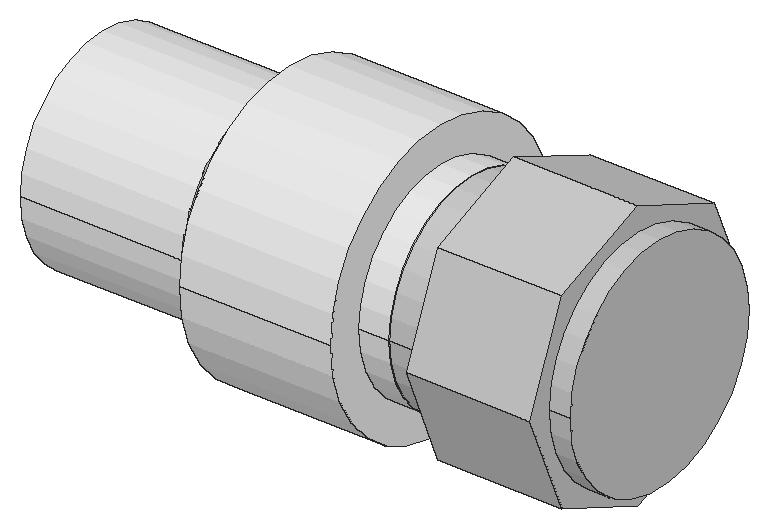
Revit family "PF_Переход [фитинг полипропиленовый - для коллектора с переходом на PEX VTp.710.0]1 - VALTEC", category Соединительные детали трубопроводов, Revit 2019
Family settings
  Размер круглого соединителя = Использовать диаметр
  Тип детали = Переход
  На основе рабочей плоскости = Нет
  Всегда вертикально = Да
  При загрузке вырезать с полостями = Нет
  Общий = Нет
Parameters (values of type "VTp.710.0")
  Таблица = "PF_Переход [фитинг полипропиленовый – для коллектора с переходом на PEX VTp.710.0] - VALTEC"  # constant formula
  built-in parameter 1114238 [instance] = (empty or 0)
  Материал доп.1 = Сталь, нержавеющая - VALTEC
  Manufacturer = ""
  l7 [instance] = size_lookup(Таблица, "l7", 0 mm, d1, d2)  # 69.2 mm
  l6 [instance] = size_lookup(Таблица, "l6", 0 mm, d1, d2)  # 53.2 mm
  l5 [instance] = size_lookup(Таблица, "l5", 0 mm, d1, d2)  # 47.7 mm
  l4 [instance] = size_lookup(Таблица, "l4", 0 mm, d1, d2)  # 43.7 mm
  l3 [instance] = size_lookup(Таблица, "l3", 0 mm, d1, d2)  # 24.2 mm
  l2 [instance] = size_lookup(Таблица, "l2", 0 mm, d1, d2)  # 21 mm
  l1 [instance] = size_lookup(Таблица, "l1", 0 mm, d1, d2)  # 0 mm
  x2 [instance] = if(d1 < d2, d1, 1 mm)  # 1 mm
  dn7 [instance] = size_lookup(Таблица, "dn7", 0 mm, d1, d2)  # 28.8 mm
  dn6 [instance] = size_lookup(Таблица, "dn6", 0 mm, d1, d2)  # 32.2 mm
  dn5 [instance] = size_lookup(Таблица, "dn5", 0 mm, d1, d2)  # 26.7 mm
  dn4 [instance] = size_lookup(Таблица, "dn4", 0 mm, d1, d2)  # 35.7 mm
  dn3 [instance] = size_lookup(Таблица, "dn3", 0 mm, d1, d2)  # 35.7 mm
  dn2 [instance] = size_lookup(Таблица, "dn2", 0 mm, d1, d2)  # 26.8 mm
  x1 [instance] = if(d1 < d2, 1 mm, d1)  # 20 mm
  dn1 [instance] = size_lookup(Таблица, "dn1", 0 mm, d1, d2)  # 26.8 mm
  d2 [instance] = 16 mm
  d1 [instance] = 20 mm
  a7 [instance] = size_lookup(Таблица, "a7", 0 mm, d1, d2)  # 2.8 mm
  a6 [instance] = size_lookup(Таблица, "a6", 0 mm, d1, d2)  # 16 mm
  a5 [instance] = size_lookup(Таблица, "a5", 0 mm, d1, d2)  # 5.5 mm
  a4 [instance] = size_lookup(Таблица, "a4", 0 mm, d1, d2)  # 4 mm
  a3 [instance] = size_lookup(Таблица, "a3", 0 mm, d1, d2)  # 19.5 mm
  a2 [instance] = size_lookup(Таблица, "a2", 0 mm, d1, d2)  # 3.2 mm
  a1 [instance] = size_lookup(Таблица, "a1", 0 mm, d1, d2)  # 21 mm
  URL = "https://valtec.ru/"
  ADSK_Примечание [instance] = ""
  ADSK_Позиция [instance] = ""
  ADSK_Обозначение [instance] = "VTp.710.0"  # constant formula
  ADSK_Наименование [instance] = size_lookup(Таблица, "", "Данный типоразмер отсутствует", d1, d2)  # "Фитинг полипропиленовый для коллектора с переходом на PEX, 20 х 16 (2,0) мм"
  ADSK_Материал = Полипропилен - RGB 255 255 255
  ADSK_Масса [instance] = size_lookup(Таблица, "Масса", 0, d1, d2)  # 0.058
  ADSK_Марка [instance] = size_lookup(Таблица, "Маркировка", "Данный типоразмер отсутствует", d1, d2)  # "20х16"
  ADSK_Код изделия [instance] = size_lookup(Таблица, "Код продукта", "Данный типоразмер отсутствует", d1, d2)  # "VTp.710.0.02016"
  ADSK_Завод-изготовитель [instance] = "VALTEC"  # constant formula
  ADSK_Единица измерения [instance] = "шт."  # constant formula
  ADSK_URL страницы изделия = "https://valtec.ru/catalog/sistemy_polipropilenovyh_truboprovodov/polipropilenovye_fitingi/fiting_polipropilenovyj_dlya_kollektora_s_perehodom_na_reh_vtp7100.html"
  ADSK_URL документации изделия = "https://valtec.ru/document/technical/VTp.700-fitingi-0419.pdf"
  A [instance] = size_lookup(Таблица, "A", 0 mm, d1, d2)  # 72 mm
Reference planes
  plane 1 "По центру (Вперед/Назад)": y = 0
  plane 2: z = 0
  plane 3 "По центру (Влево/Вправо)": x = 0
  plane 4: x = -36
  plane 5: x = 36
  plane 6: y = -10
  plane 7: y = 10
  plane 8: y = -0.5
  plane 9: y = 0.5
  plane 10: x = -36
  plane 11: x = -15
  plane 12: x = -15
  plane 13: x = -11.8
  plane 14: x = -11.8
  plane 15: x = 7.7
  plane 16: x = 7.7
  plane 17: x = 11.7
  plane 18: x = 11.7
  plane 19: x = 17.2
  plane 20: x = 17.2
  plane 21: x = 33.2
  plane 22: x = 33.2
  plane 23: x = 36
Forms (mm)
  Extrusion 1, solid, material "Полипропилен - RGB 255 255 255" <- "ADSK_Материал", detail levels medium+fine
    sketch origin (0, 0, 0) x (0, 1, 0) y (0, 0, 1)
      loop
        circle (0, 0) r 13.4
    from -36 to -15
  Extrusion 2, solid, material "Полипропилен - RGB 255 255 255" <- "ADSK_Материал", detail levels medium+fine
    sketch origin (0, 0, 0) x (0, 1, 0) y (0, 0, 1)
      loop
        circle (0, 0) r 17.85
    from -11.8 to 7.7
  Extrusion 3, solid, material "Полипропилен - RGB 255 255 255" <- "ADSK_Материал", detail levels medium+fine
    sketch origin (0, 0, 0) x (0, 1, 0) y (0, 0, 1)
      loop
        circle (0, 0) r 13.35
    from 7.7 to 11.7
  Extrusion 4, solid, material "Сталь, нержавеющая - VALTEC" <- "Материал доп.1", detail levels medium+fine
    sketch origin (0, 0, 0) x (0, 1, 0) y (0, 0, 1)
      loop
        circle (0, 0) r 13.35
    from 11.7 to 17.2
  Extrusion 5, solid, material "Сталь, нержавеющая - VALTEC" <- "Материал доп.1", detail levels medium+fine
    sketch origin (0, 0, 0) x (0, 1, 0) y (0, 0, 1)
      loop
        circle (0, 0) r 14.4
    from 33.2 to 36
  Blend 6, solid, material "Полипропилен - RGB 255 255 255" <- "ADSK_Материал", detail levels medium+fine
    base sketch origin (0, 0, 0) x (0, 1, 0) y (0, 0, 1)
      loop
        circle (0, 0) r 13.4
    top sketch origin (0, 0, 0) x (0, 1, 0) y (0, 0, 1)
      loop
        circle (0, 0) r 17.85
    from -15 to -11.8
Cuts and joins
  joined: Extrusion 1, Extrusion 2, Extrusion 3, Blend 6
  joined: Extrusion 4, Extrusion 5
Lines and regions (mm)
  model lines, detail levels coarse
    curve 1: line (36, 0.5, 0) -> (-36, 10, 0)
    curve 2: line (-36, -10, 0) -> (36, -0.5, 0)
    curve 3: line (36, 0.5, 0) -> (36, -0.5, 0)
    curve 4: line (-36, 10, 0) -> (-36, -10, 0)
  reference lines
    curve 5: line (-36, 0, 0) -> (36, 0, 0)
Dimensions and locks
  equal spacing: plane 4, plane 3 "По центру (Влево/Вправо)", plane 5
  "A": plane 4 to plane 5
  equal spacing: plane 7, plane 1 "По центру (Вперед/Назад)", plane 6
  "x1": plane 7 to plane 6
  equal spacing: plane 8, plane 1 "По центру (Вперед/Назад)", plane 9
  "x2": plane 8 to plane 9
  "a1": plane 10 to plane 11
  "a2": plane 12 to plane 13
  "a3": plane 14 to plane 15
  "a4": plane 16 to plane 17
  "a5": plane 18 to plane 19
  "a6": plane 20 to plane 21
  "a7": plane 22 to plane 23
  "l1": plane 4 to plane 10
  "l2": plane 4 to plane 12
  "l3": plane 4 to plane 14
  "l4": plane 4 to plane 16
  "l5": plane 4 to plane 18
  "l6": plane 4 to plane 20
  "l7": plane 4 to plane 22
  plane 20 to plane 21 = 16 mm
  "dn1": diameter of Extrusion 1 sketch curve
  "dn4": diameter of Extrusion 2 sketch curve
  "dn5": diameter of Extrusion 3 sketch curve
  "dn5": diameter of Extrusion 4 sketch curve
  "dn7": diameter of Extrusion 5 sketch curve
  "dn2": diameter of Blend 6 sketch curve
  "dn3": diameter of Blend 6 sketch curve
  aligned and locked: level to plane 2
  aligned and locked: plane 4 to curve 2
  aligned and locked: plane 7 to curve 1
  aligned and locked: plane 4 to curve 1
  aligned and locked: plane 9 to curve 1
  aligned and locked: plane 5 to curve 1
  aligned and locked: plane 8 to curve 2
  aligned and locked: plane 5 to curve 2
  aligned and locked: plane 6 to curve 4
  aligned and locked: level to Extrusion 1 sketch curve
  aligned and locked: plane 1 "По центру (Вперед/Назад)" to Extrusion 1 sketch curve
  aligned and locked: level to Extrusion 2 sketch curve
  aligned and locked: plane 1 "По центру (Вперед/Назад)" to Extrusion 2 sketch curve
  aligned and locked: level to Extrusion 3 sketch curve
  aligned and locked: plane 1 "По центру (Вперед/Назад)" to Extrusion 3 sketch curve
  aligned and locked: Extrusion 1 to plane 11
  aligned and locked: plane 10 to Extrusion 1
  aligned and locked: plane 14 to Extrusion 2
  aligned and locked: Extrusion 2 to plane 15
  aligned and locked: plane 16 to Extrusion 3
  aligned and locked: Extrusion 3 to plane 17
  aligned and locked: level to Extrusion 4 sketch curve
  aligned and locked: plane 1 "По центру (Вперед/Назад)" to Extrusion 4 sketch curve
  aligned and locked: Extrusion 4 to plane 19
  aligned and locked: plane 18 to Extrusion 4
  aligned and locked: level to Extrusion 5 sketch curve
  aligned and locked: plane 1 "По центру (Вперед/Назад)" to Extrusion 5 sketch curve
  aligned and locked: plane 22 to Extrusion 5
  aligned and locked: Extrusion 5 to plane 23
  aligned and locked: level to Blend 6 sketch curve  (x2)
  aligned and locked: plane 1 "По центру (Вперед/Назад)" to Blend 6 sketch curve  (x2)
  aligned and locked: plane 12 to cut or joined group of Extrusion 1, Extrusion 2, Extrusion 3, Blend 6
  aligned and locked: cut or joined group of Extrusion 1, Extrusion 2, Extrusion 3, Blend 6 to plane 13
  aligned and locked: plane 1 "По центру (Вперед/Назад)" to nested 1
  aligned and locked: nested 1 to plane 21
  aligned and locked: plane 4 to curve 5
  aligned and locked: plane 5 to curve 5
  aligned and locked: plane 1 "По центру (Вперед/Назад)" to curve 5
Nested families
  nested 1: "Гайка - горизонталь" at (25.2, 0, 0), ADSK_Материал <- "Материал доп.1", d <- "dn6", l <- "a6", type "Гайка - горизонталь", detail levels medium+fine
    with l 16 mm, d 32.2 mm, ADSK_Материал Сталь, нержавеющая - VALTEC
Connectors
  piping at (-36, 0, 0), diameter 20, driven by "d1"
    settings: on curve 5, index 1, connector inside diameter 609.6 mm, connector length 0 mm, flow factor 0, pipe flow 0.0 L/s, pressure drop 0.0 Pa, fitting loss kfactor 0, connector angle 0.00°, fixture units 0, engagement length 0 mm, angle of deflection 0.00°, flow configuration 0, flow direction 0, fitting loss method 0, system type 28, joint type 0, gender type 0, connector reference index 2, connector utility 0, adjustable connector no, is connector primary yes, connector description ""
  piping at (36, 0, 0), diameter 16, driven by "d2"
    settings: on curve 5, index 2, connector inside diameter 609.6 mm, connector length 0 mm, flow factor 0, pipe flow 0.0 L/s, pressure drop 0.0 Pa, fitting loss kfactor 0, connector angle 0.00°, fixture units 0, engagement length 0 mm, angle of deflection 0.00°, flow configuration 0, flow direction 0, fitting loss method 0, system type 28, joint type 0, gender type 0, connector reference index 1, connector utility 0, adjustable connector no, is connector primary no, connector description ""
Definition of nested family "Гайка - горизонталь"
  Parameters (values of type "Гайка - горизонталь")
    d [instance] = 588.881 mm
    l [instance] = 637.4 mm
    ADSK_Материал [instance] = none
  Reference planes
    plane 1 "По центру (Вперед/Назад)": y = 0
    plane 2: z = 0
    plane 3 "По центру (Влево/Вправо)": x = 0
    plane 4: y = 318.7
    plane 5: y = -318.7
    plane 6: through (0, -912.519, 2972.425) normal (0, -0.9239, -0.3827)
    plane 7: through (0, -1234.338, 2979.956) normal (0, -0.9239, -0.3827)
    plane 8: through (0, -1556.157, 2987.486) normal (0, -0.9239, -0.3827)
    plane 9: through (0, 1234.338, 2979.956) normal (0, -0.9239, 0.3827)
    plane 10: through (0, -2420.114, 1321.144) normal (0, -0.3827, -0.9239)
    plane 11: through (0, -2532.792, 1049.117) normal (0, -0.3827, -0.9239)
    plane 12: through (0, -2645.469, 777.089) normal (0, -0.3827, -0.9239)
    plane 13: through (0, 2420.114, 1321.144) normal (0, -0.3827, 0.9239)
    plane 14: through (0, 2532.792, 1049.117) normal (0, -0.3827, 0.9239)
    plane 15: through (0, 2645.469, 777.089) normal (0, -0.3827, 0.9239)
    plane 16: through (0, 912.519, 2972.425) normal (0, -0.9239, 0.3827)
    plane 17: through (0, 1234.338, 2979.956) normal (0, -0.9239, 0.3827)
    plane 18: through (0, 1556.157, 2987.486) normal (0, -0.9239, 0.3827)
    plane 19: x = 318.7
    plane 20: x = -318.7
  Forms (mm)
    Extrusion 1, solid, material <- "ADSK_Материал"
      sketch origin (0, 0, 0) x (0, 1, 0) y (0, 0, 1)
        loop
          line (0, 318.7) -> (-225.355, 225.355) -> (-318.7, 0) -> (-225.355, -225.355) -> (0, -318.7) -> (225.355, -225.355) -> (318.7, 0) -> (225.355, 225.355) -> (0, 318.7)
      from -318.7 to 318.7
  Lines and regions (mm)
    reference lines
      curve 1: line (0, -112.677, -272.027) -> (0, 112.677, 272.027)
      curve 2: line (0, -272.027, 112.677) -> (0, 272.027, -112.677)
  Dimensions and locks
    equal spacing: plane 4, plane 1 "По центру (Вперед/Назад)", plane 5
    locked: plane 4 to plane 5 at 637.4
    equal spacing: plane 8, plane 7, plane 6
    "d": plane 8 to plane 6
    equal spacing: plane 12, plane 11, plane 10
    "d": plane 12 to plane 10
    equal spacing: plane 15, plane 14, plane 13
    "d": plane 15 to plane 13
    equal spacing: plane 18, plane 17, plane 16
    "d": plane 18 to plane 16
    equal spacing: plane 20, plane 3 "По центру (Влево/Вправо)", plane 19
    "l": plane 20 to plane 19
    aligned and locked: level to plane 2
    aligned and locked: plane 10 to Extrusion 1 sketch curve
    aligned and locked: plane 13 to Extrusion 1 sketch curve
    aligned and locked: plane 16 to Extrusion 1 sketch curve
    aligned and locked: Extrusion 1 sketch curve to plane 8
    aligned and locked: Extrusion 1 sketch curve to plane 12
    aligned and locked: Extrusion 1 sketch curve to plane 15
    aligned and locked: Extrusion 1 sketch curve to plane 18
    aligned and locked: plane 6 to Extrusion 1 sketch curve
    aligned and locked: plane 19 to Extrusion 1
    aligned and locked: plane 20 to Extrusion 1
    aligned and locked: Extrusion 1 to plane 19
    aligned and locked: plane 16 to curve 2
    aligned and locked: plane 18 to curve 2
    aligned and locked: curve 2 to plane 11
    aligned and locked: plane 12 to curve 1
    aligned and locked: plane 10 to curve 1
    aligned and locked: curve 1 to plane 17
